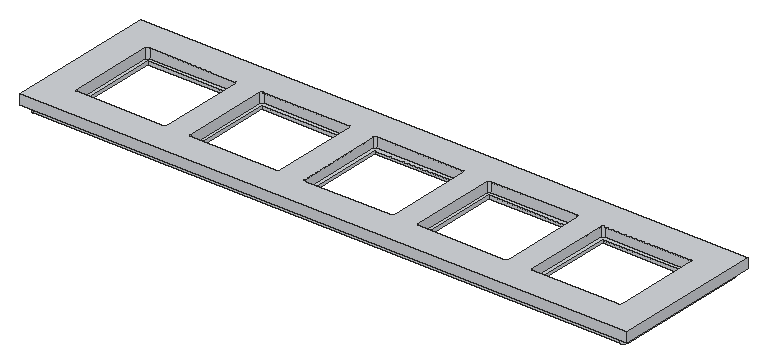
Revit family "Gira_021505", category Electrical Fixtures, host Face, Revit 2017
Family settings
  Host = Face
  Maintain Annotation Orientation = No
  Round Connector Dimension = Use Diameter
  Part Type = Normal
  Cut with Voids When Loaded = No
  Shared = No
  Room Calculation Point = No
Parameters (values of type "Abdeckrahmen 5f Gira Esprit G Schwarz")
  Werkstoffgüte = "sonstige"
  Werkstoff = "Glas"
  URL = "http://katalog.gira.de/de_DE/datenblatt.html?artikelnr=021505"
  Transparent = "No"
  Textfeld/Beschriftungsfläche = "No"
  Schutzart (IP) = "IP20"
  Region = "DE"
  Oberfläche = "sonstige"
  Name = "Abdeckrahmen 5f Gira Esprit G Schwarz"
  Montagerichtung = "horizontal und vertikal"
  Mit Montagerahmen = "No"
  Mit Klappdeckel = "No"
  Manufacturer URL = "https://www.gira.de/"
  Keynote = "Espr._Rahmen_5fach"
  HeinzeBIM = "https://bimportal.heinze.de/bim/abdeckrahmen-5f-gira-esprit-g-schwarz/3320555c7ef3129956a38f41e4e0a0c77860461c"
  Halogenfrei = "No"
  HAN = "021505"
  Geeignet für Unterputz-Installation = "Yes"
  Geeignet für Unterflurkanaldose = "No"
  Geeignet für Geräteeinbaukanal = "No"
  Geeignet für Einbauinstallation = "No"
  GTIN = "4010337215059"
  Farbe = "schwarz"
  Default Elevation = 1219.2 mm
  Data sheet (1) = "https://katalog.gira.de/de_DE/download.html?artikelnr=021505"
  Category = "Abdeckrahmen"
  Befestigungsart = "Klemmbefestigung"
  Available = "Yes"
  Anzahl der Einheiten vertikal = "5 "
  Anzahl der Einheiten horizontal = "5 "
  Anzahl der Einheiten = "5 "
Reference planes
  plane 1 "Center (Front/Back)": y = 0
  plane 2: z = 0
  plane 3 "Center (Left/Right)": x = 0
Forms (mm)
  Extrusion 1, solid, detail levels fine
    sketch origin (0, 0, 0) x (1, 0, 0) y (0, 1, 0)
      loop
        line (-190.1, 47.5) -> (-190.1, -47.5) -> (190.1, -47.5) -> (190.1, 47.5) -> (-190.1, 47.5)
      loop
        arc (-170.9, -26.8) -> (-170.461, -27.861) -> (-169.4, -28.3) r 1.5
        line (-169.4, -28.3) -> (-115.8, -28.3)
        arc (-115.8, -28.3) -> (-114.739, -27.861) -> (-114.3, -26.8) r 1.5
        line (-114.3, -26.8) -> (-114.3, 26.8)
        arc (-114.3, 26.8) -> (-114.739, 27.861) -> (-115.8, 28.3) r 1.5
        line (-115.8, 28.3) -> (-169.4, 28.3)
        arc (-169.4, 28.3) -> (-170.461, 27.861) -> (-170.9, 26.8) r 1.5
        line (-170.9, 26.8) -> (-170.9, -26.8)
      loop
        arc (-99.6, -26.8) -> (-99.161, -27.861) -> (-98.1, -28.3) r 1.5
        line (-98.1, -28.3) -> (-44.5, -28.3)
        arc (-44.5, -28.3) -> (-43.439, -27.861) -> (-43, -26.8) r 1.5
        line (-43, -26.8) -> (-43, 26.8)
        arc (-43, 26.8) -> (-43.439, 27.861) -> (-44.5, 28.3) r 1.5
        line (-44.5, 28.3) -> (-98.1, 28.3)
        arc (-98.1, 28.3) -> (-99.161, 27.861) -> (-99.6, 26.8) r 1.5
        line (-99.6, 26.8) -> (-99.6, -26.8)
      loop
        arc (-28.3, -26.8) -> (-27.861, -27.861) -> (-26.8, -28.3) r 1.5
        line (-26.8, -28.3) -> (26.8, -28.3)
        arc (26.8, -28.3) -> (27.861, -27.861) -> (28.3, -26.8) r 1.5
        line (28.3, -26.8) -> (28.3, 26.8)
        arc (28.3, 26.8) -> (27.861, 27.861) -> (26.8, 28.3) r 1.5
        line (26.8, 28.3) -> (-26.8, 28.3)
        arc (-26.8, 28.3) -> (-27.861, 27.861) -> (-28.3, 26.8) r 1.5
        line (-28.3, 26.8) -> (-28.3, -26.8)
      loop
        arc (43, -26.8) -> (43.439, -27.861) -> (44.5, -28.3) r 1.5
        line (44.5, -28.3) -> (98.1, -28.3)
        arc (98.1, -28.3) -> (99.161, -27.861) -> (99.6, -26.8) r 1.5
        line (99.6, -26.8) -> (99.6, 26.8)
        arc (99.6, 26.8) -> (99.161, 27.861) -> (98.1, 28.3) r 1.5
        line (98.1, 28.3) -> (44.5, 28.3)
        arc (44.5, 28.3) -> (43.439, 27.861) -> (43, 26.8) r 1.5
        line (43, 26.8) -> (43, -26.8)
      loop
        arc (114.3, -26.8) -> (114.739, -27.861) -> (115.8, -28.3) r 1.5
        line (115.8, -28.3) -> (169.4, -28.3)
        arc (169.4, -28.3) -> (170.461, -27.861) -> (170.9, -26.8) r 1.5
        line (170.9, -26.8) -> (170.9, 26.8)
        arc (170.9, 26.8) -> (170.461, 27.861) -> (169.4, 28.3) r 1.5
        line (169.4, 28.3) -> (115.8, 28.3)
        arc (115.8, 28.3) -> (114.739, 27.861) -> (114.3, 26.8) r 1.5
        line (114.3, 26.8) -> (114.3, -26.8)
    from 0 to 6
  Extrusion 2, solid, detail levels fine
    sketch origin (0, 0, 0) x (1, 0, 0) y (0, 1, 0)
      loop
        line (-168.5, -25.7) -> (-116.7, -25.7) -> (-116.7, 25.7) -> (-168.5, 25.7) -> (-168.5, -25.7)
      loop
        line (25.9, 25.7) -> (-25.9, 25.7) -> (-25.9, -25.7) -> (25.9, -25.7) -> (25.9, 25.7)
      loop
        arc (-185.5, -41.4) -> (-184.973, -42.673) -> (-183.7, -43.2) r 1.8
        line (-183.7, -43.2) -> (183.7, -43.2)
        arc (183.7, -43.2) -> (184.973, -42.673) -> (185.5, -41.4) r 1.8
        line (185.5, -41.4) -> (185.5, 41.4)
        arc (185.5, 41.4) -> (184.973, 42.673) -> (183.7, 43.2) r 1.8
        line (183.7, 43.2) -> (-183.7, 43.2)
        arc (-183.7, 43.2) -> (-184.973, 42.673) -> (-185.5, 41.4) r 1.8
        line (-185.5, 41.4) -> (-185.5, -41.4)
      loop
        line (-45.4, 25.7) -> (-97.2, 25.7) -> (-97.2, -25.7) -> (-45.4, -25.7) -> (-45.4, 25.7)
      loop
        line (97.2, 25.7) -> (45.4, 25.7) -> (45.4, -25.7) -> (97.2, -25.7) -> (97.2, 25.7)
      loop
        line (168.5, 25.7) -> (116.7, 25.7) -> (116.7, -25.7) -> (168.5, -25.7) -> (168.5, 25.7)
    from -1.9 to 0
  Extrusion 3, solid, detail levels fine
    sketch origin (0, 0, 0) x (1, 0, 0) y (0, 1, 0)
      loop
        arc (-183.7, 44.4) -> (-185.821, 43.521) -> (-186.7, 41.4) r 3
        line (-186.7, 41.4) -> (-186.7, -41.4)
        arc (-186.7, -41.4) -> (-185.821, -43.521) -> (-183.7, -44.4) r 3
        line (-183.7, -44.4) -> (183.7, -44.4)
        arc (183.7, -44.4) -> (185.821, -43.521) -> (186.7, -41.4) r 3
        line (186.7, -41.4) -> (186.7, 41.4)
        arc (186.7, 41.4) -> (185.821, 43.521) -> (183.7, 44.4) r 3
        line (183.7, 44.4) -> (-183.7, 44.4)
      loop
        arc (-185.5, -41.4) -> (-184.973, -42.673) -> (-183.7, -43.2) r 1.8
        line (-183.7, -43.2) -> (183.7, -43.2)
        arc (183.7, -43.2) -> (184.973, -42.673) -> (185.5, -41.4) r 1.8
        line (185.5, -41.4) -> (185.5, 41.4)
        arc (185.5, 41.4) -> (184.973, 42.673) -> (183.7, 43.2) r 1.8
        line (183.7, 43.2) -> (-183.7, 43.2)
        arc (-183.7, 43.2) -> (-184.973, 42.673) -> (-185.5, 41.4) r 1.8
        line (-185.5, 41.4) -> (-185.5, -41.4)
    from -3.7 to 0
  Extrusion 4, solid, detail levels medium
    sketch origin (0, 0, 0) x (1, 0, 0) y (0, 1, 0)
      loop
        line (-190.1, 47.5) -> (-190.1, -47.5) -> (190.1, -47.5) -> (190.1, 47.5) -> (-190.1, 47.5)
    from 0 to 6
  Extrusion 5, solid, detail levels medium
    sketch origin (0, 0, 0) x (1, 0, 0) y (0, 1, 0)
      loop
        line (-190.1, 44.4) -> (-190.1, -44.4) -> (190.1, -44.4) -> (190.1, 44.4) -> (-190.1, 44.4)
    from -3.7 to 0
  Extrusion 6, solid, detail levels coarse
    sketch origin (0, 0, 0) x (1, 0, 0) y (0, 1, 0)
      loop
        line (-190.1, 47.5) -> (-190.1, -47.5) -> (190.1, -47.5) -> (190.1, 47.5) -> (-190.1, 47.5)
    from -3.7 to 6
Dimensions and locks
  aligned and locked: plane 2 to host face
  aligned and locked: level to host face
